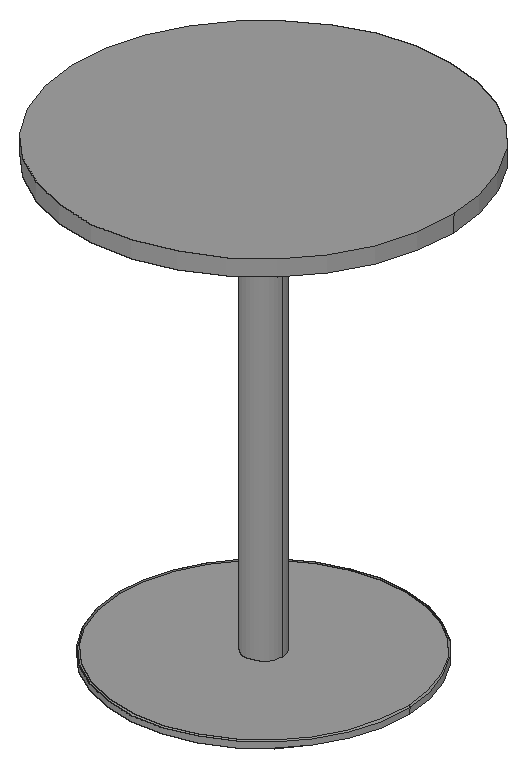
Revit family "scan", category Furniture, Revit 2015
Parameters
  Uniclass 2.0 Description = ""
  Uniclass 2.0 Code = ""
  Uniclass 1.4 Description = ""
  Uniclass 1.4 Code = ""
  URL = "www.isku.fi"
  UNSPSC Code = ""
  Type Comments = "Available as antimicrobial"  # constant formula
  Tube Height = 693 mm
  Tube Diameter = 60 mm
  Talo 2000 Hankenimike = ""
  Table top diameter = 600 mm
  Table height = 730 mm
  Table Material = Silver
  ProdLibID = ""
  NBS Reference Description = ""
  NBS Reference Code = ""
  Manufacturer = "Isku Oy"  # constant formula
  IFC Classification = ""
  EAN Code = ""
  COBIe Type Category = ""
  Bottom plate diameter = 460 mm
  Author = "ProdLib Oy"  # constant formula
Reference planes
  plane 1 "Center (Front/Back)": y = 0
  plane 2: z = 0
  plane 3 "Center (Left/Right)": x = 0
  plane 4: x = -230
  plane 5: x = 230
  plane 6: y = -230
  plane 7: y = 230
  plane 8: z = 9.004
  plane 9: z = 11
  plane 10: z = 704
  plane 11: x = -30
  plane 12: x = 30
  plane 13: y = 30
  plane 14: y = -30
  plane 15: x = -300
  plane 16: x = 300
  plane 17: y = -300
  plane 18: y = 300
  plane 19: z = 730
Forms (mm)
  Extrusion 1, solid, material "Silver" <- "Table Material"
    sketch origin (0, 0, 0) x (1, 0, 0) y (0, 1, 0)
      loop
        circle (0, 0) r 230
    from 0 to 9.004
  Sweep 2, solid, material "Silver" <- "Table Material"
    path origin (0, 0, 0) x (1, 0, 0) y (0, 1, 0)
      loop
        circle (0, 0) r 230
    profile origin (0, 230, 0) x (0, -1, 0) y (0, 0, 1)
      loop
        line (0, 0) -> (1.996, 11) -> (0, 9.004) -> (0, 0)
  Extrusion 3, solid, material "Silver" <- "Table Material"
    sketch origin (0, 0, 0) x (1, 0, 0) y (0, 1, 0)
      loop
        circle (0, 0) r 30
    from 11 to 704
  Extrusion 4, solid, material "Silver" <- "Table Material"
    sketch origin (0, 0, 0) x (1, 0, 0) y (0, 1, 0)
      loop
        circle (0, 0) r 300
    from 704 to 730
Lines and regions (mm)
  symbolic lines
    curve 1: arc (300, 0, 0) -> (0, 300, 0) -> (-300, 0, 0) r 300
    curve 2: arc (-300, 0, 0) -> (0, -300, 0) -> (300, 0, 0) r 300
Dimensions and locks
  equal spacing: plane 7, plane 1 "Center (Front/Back)", plane 6
  "Bottom plate diameter": plane 7 to plane 6
  equal spacing: plane 4, plane 3 "Center (Left/Right)", plane 5
  "Bottom plate diameter": plane 4 to plane 5
  plane 8 to level = 9.004 mm
  plane 9 to plane 8 = 1.996 mm
  equal spacing: plane 13, plane 1 "Center (Front/Back)", plane 14
  "Tube Diameter": plane 13 to plane 14
  equal spacing: plane 11, plane 3 "Center (Left/Right)", plane 12
  "Tube Diameter": plane 11 to plane 12
  equal spacing: plane 18, plane 1 "Center (Front/Back)", plane 17
  "Table top diameter": plane 18 to plane 17
  equal spacing: plane 15, plane 3 "Center (Left/Right)", plane 16
  "Table top diameter": plane 15 to plane 16
  "Table height": plane 19 to level
  locked: plane 19 to plane 10 at 26
  aligned and locked: level to plane 2
  aligned and locked: plane 8 to Extrusion 1
  aligned and locked: Extrusion 1 to level
  aligned and locked: plane 10 to Extrusion 3
  aligned and locked: Extrusion 4 to plane 10
  aligned and locked: plane 19 to Extrusion 4
Automatic sketch dimensions
  plane 1 "Center (Front/Back)" to Extrusion 1 sketch curve = 0 mm
  Extrusion 1 sketch curve to plane 4 = 0 mm
  Extrusion 1 sketch curve to plane 3 "Center (Left/Right)" = 0 mm
  Sweep 2 sketch curve to Sweep 2 sketch curve = 0 mm  (x2)
  plane 1 "Center (Front/Back)" to Sweep 2 sketch curve = 0 mm
  Sweep 2 sketch curve to plane 4 = 0 mm
  Sweep 2 sketch curve to plane 3 "Center (Left/Right)" = 0 mm
  Sweep 2 sketch curve to level = 0 mm
  Sweep 2 sketch curve to profile plane = 0 mm
  level to Sweep 2 sketch curve = 9.004 mm
  Sweep 2 sketch curve to profile plane = 1.996 mm
  Sweep 2 sketch curve to Sweep 2 sketch curve = 1.996 mm
  plane 1 "Center (Front/Back)" to Extrusion 3 sketch curve = 0 mm
  Extrusion 3 sketch curve to plane 11 = 0 mm
  Extrusion 3 sketch curve to plane 3 "Center (Left/Right)" = 0 mm
  plane 1 "Center (Front/Back)" to Extrusion 4 sketch curve = 0 mm
  Extrusion 4 sketch curve to plane 15 = 0 mm
  Extrusion 4 sketch curve to plane 3 "Center (Left/Right)" = 0 mm
  curve 1 to curve 2 = 0 mm  (x2)
  plane 1 "Center (Front/Back)" to curve 2 = 0 mm
  curve 2 to plane 3 "Center (Left/Right)" = 0 mm
  curve 1 to plane 4 = 70 mm
